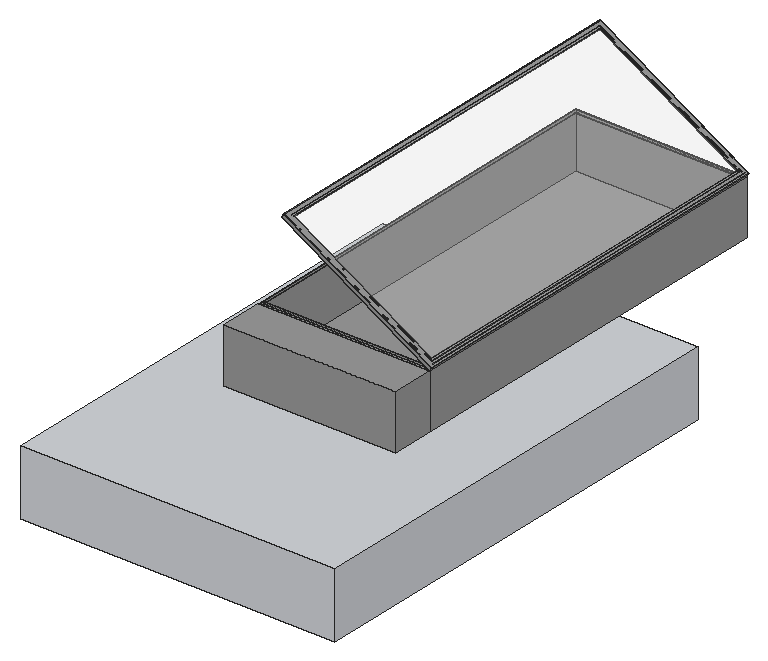
Revit family "Hager-Univers-IP55-D275-H2050-Cl.I-Steel_encl-SE-en", category Equipement électrique, Revit 2020
Family settings
  Hôte = Face
  Configuration du panneau = Deux colonnes, circuits au sein
  Cote de connecteur circulaire = Utiliser le diamètre
  Type d'élément = Tableau de raccordement
  Couper avec des vides une fois chargée = Non
  Partagée = Non
  Point de calcul de pièce = Non
Parameters (values of type "Floor installation IP55 W800 H2050 D275  - FR23K2")
  Width Control [instance] = if([EF000008 - Width] > Min Width, [EF000008 - Width], Min Width)  # 800 mm
  Commentaires du type = [HG000003 - Range]  # "Univers"
  Thickness Door [instance] = if([EF009171 - Material plate thickness door/cover] > 3 mm, 3 mm, [EF009171 - Material plate thickness door/cover])  # 1.5 mm
  Seal Frame Offset [instance] = 17 mm  # constant formula
  Plinth Visibility [instance] = [HG000027 - Plinth height] > 0 mm  # yes
  Model = ""
  Min Width [instance] = 100 mm  # constant formula
  Min Height [instance] = 100 mm  # constant formula
  Min Depth [instance] = (2 * [EF009170 - Material plate thickness cabinet]) + 1 mm  # 4 mm
  Internal Frame Depth [instance] = (Door System Depth * 0.5)  # 9 mm
  Height Control [instance] = if([EF000040 - Height] > Min Height, [EF000040 - Height], Min Height)  # 2050 mm
  HG000027 - Plinth height = 200 mm
  HG000026 - Floor standing = yes
  HG000024 - Bottom section height = 800 mm
  HG000023 - Double section enclosure = no
  HG000016 - Door 3d visibility [instance] = yes
  HG000015 - Clearance visibility [instance] = no
  HG000014 - Door on the right [instance] = yes
  HG000013 - Door on the left [instance] = not([HG000014 - Door on the right])  # no
  HG000012 - Door swing angle [instance] = 30.00°
  HG000010 - Asymmetric doors = no
  HG000009 - Double swing door = no
  HG000006 - Flush mounted = no
  HG000004 - Manufacturer reference = "FR23K2"
  HG000003 - Range = "Univers"
  HG000002 - With door or cover = yes
  Frame Offset Bottom [instance] = 10 mm  # constant formula
  Frame Offset [instance] = 15 mm  # constant formula
  EF015940 - Cover with overpressure release = no
  EF011959 - Degree of protection (NEMA) = ""
  EF009554 - Number of openings for flange plates = 6
  EF009212 - Cover model = "EV000116 - Closed"
  EF009171 - Material plate thickness door/cover = 1.5 mm
  EF009170 - Material plate thickness cabinet = 1.5 mm
  Fabricant = "Hager"  # constant formula
  EF008873 - Nominal current (In) = 800 A
  EF007800 - Suitable for lightning protection = no
  EF006306 - With lock = no
  EF006244 - Transparent cover/door = yes
  EF005474 - Degree of protection (IP) = "EV006420 - IP55"
  EF004464 - Type of door = "EV002646 - Single"
  EF004427 - Number of modules = 432
  EF004293 - Impact strength = "EV008784 - IK10"
  EF003532 - Suitable for outdoor use = no
  EF002950 - Width in number of modular spacings = 24
  EF001613 - Circuit integrity = "EV000494 - None"
  EF001596 - Material housing = "EV000179 - Steel"
  EF001131 - Internal depth = 275 mm
  EF001088 - Extension possible = yes
  EF000437 - Number of conduit inlets = 6
  EF000339 - Type of cover = "EV004216 - Door"
  EF000266 - Number of rows = 12
  EF000218 - Built-in depth = 0 mm
  EF000118 - With mounting plate = no
  EF000116 - RAL-number = "7035"
  EF000049 - Depth = 275 mm
  EF000040 - Height = 2050 mm
  EF000008 - Width = 800 mm
  EF000007 - Colour = "EV000270 - Grey"
  EF000003 - Mounting method = "EV012274 - Floor installation"
  Door System Leaf Tolerance [instance] = 1.5 mm  # constant formula
  Door System Depth [instance] = 18 mm  # constant formula
  Door Height [instance] = Height Control - [HG000027 - Plinth height]  # 1850 mm
  Depth Control [instance] = if([EF000049 - Depth] > Min Depth, [EF000049 - Depth], Min Depth)  # 275 mm
  Default Elevation = 0 mm
  Connector Offset [instance] = Height Control / 2  # 1025 mm
  Bottom Top Plate Trim [instance] = 1.5 mm  # constant formula
  Plinth height Ctrl [instance] = if([HG000027 - Plinth height] > 0 mm, [HG000027 - Plinth height], 12 mm)  # 200 mm
Types (11, lengths in mm): name | Width Control | HG000010 - Asymmetric doors | HG000009 - Double swing door | HG000004 - Manufacturer reference | EF009554 - Number of openings for flange plates | EF006244 - Transparent cover/door | EF004464 - Type of door | EF004427 - Number of modules | EF000437 - Number of conduit inlets | EF000008 - Width
  Floor installation IP55 W1050 H2050 D275  - FR24E2 | 1050 | yes | yes | "FR24E2" | 8 | no | "EV003602 - Double" | 576 | 8 | 1050
  Floor installation IP55 W1050 H2050 D275  - FR24K2 | 1050 | yes | yes | "FR24K2" | 8 | yes | "EV003602 - Double" | 576 | 8 | 1050
  Floor installation IP55 W1300 H2050 D275  - FR25E2 | 1300 | yes | yes | "FR25E2" | 10 | no | "EV003602 - Double" | 720 | 10 | 1300
  Floor installation IP55 W1300 H2050 D275  - FR25K2 | 1300 | yes | yes | "FR25K2" | 10 | yes | "EV003602 - Double" | 720 | 10 | 1300
  Floor installation IP55 W1550 H2050 D275  - FR26E2 | 1550 | yes | yes | "FR26E2" | 12 | no | "EV003602 - Double" | 864 | 12 | 1550
  Floor installation IP55 W1550 H2050 D275  - FR26K2 | 1550 | yes | yes | "FR26K2" | 12 | yes | "EV003602 - Double" | 864 | 12 | 1550
  Floor installation IP55 W300 H2050 D275  - FR21E2 | 300 | no | no | "FR21E2" | 2 | no | "EV002646 - Single" | 144 | 2 | 300
  Floor installation IP55 W550 H2050 D275  - FR22E2 | 550 | no | no | "FR22E2" | 4 | no | "EV002646 - Single" | 288 | 4 | 550
  Floor installation IP55 W550 H2050 D275  - FR22K2 | 550 | no | no | "FR22K2" | 4 | yes | "EV002646 - Single" | 288 | 4 | 550
  Floor installation IP55 W800 H2050 D275  - FR23E2 | 800 | no | no | "FR23E2" | 6 | no | "EV002646 - Single" | 432 | 6 | 800
  Floor installation IP55 W800 H2050 D275  - FR23K2 | 800 | no | no | "FR23K2" | 6 | yes | "EV002646 - Single" | 432 | 6 | 800
Reference planes
  plane 1 "Center (Front/Back)": y = 0
  plane 2: z = 0
  plane 3 "Center (Left/Right)": x = 0
  plane 4: z = 275
  plane 5: y = 201.5
  plane 6: y = 1125
  plane 7: y = 200
  plane 8: y = 2050
  plane 9: z = 0
  plane 10: x = -385
  plane 11: x = 385
  plane 12: x = 383.5
  plane 13: x = -383.5
  plane 14: y = 2048.5
  plane 15: x = -383
  plane 16: x = -400
  plane 17: x = 383
  plane 18: x = 400
  plane 19: x = 398.5
  plane 20: x = -398.5
  plane 21: y = 211.5
  plane 22: y = 2050
  plane 23: y = 2033.5
  plane 24: z = 257
  plane 25: z = 1.5
  plane 26: z = 255.5
  plane 27: z = 273.5
Forms (mm)
  Extrusion 1, solid
    sketch origin (0, 0, 0) x (1, 0, 0) y (0, 1, 0)
      loop
        line (-702.964, 1305) -> (-702.964, -811.445) -> (766.763, -811.445) -> (766.763, 1305) -> (-702.964, 1305)
    from 0 to -304.8
  Extrusion 2, solid, material "Hager_Steel_RAL7035_Light_Grey", visible <- "Plinth Visibility", detail levels medium+fine
    sketch origin (0, 0, 0) x (1, 0, 0) y (0, 1, 0)
      loop
        line (-400, 0) -> (400, 0) -> (400, 200) -> (-400, 200) -> (-400, 0)
    from 0 to 257
  Extrusion 3, solid, material "Hager_Steel_RAL7035_Light_Grey", detail levels medium+fine
    sketch origin (0, 0, 0) x (1, 0, 0) y (0, 1, 0)
      loop
        line (-400, 200) -> (400, 200) -> (400, 2050) -> (-400, 2050) -> (-400, 200)
    from 0 to 257
  Extrusion 4, void
    sketch origin (0, 0, 0) x (1, 0, 0) y (0, 1, 0)
      loop
        line (-398.5, 201.5) -> (398.5, 201.5) -> (398.5, 2048.5) -> (-398.5, 2048.5) -> (-398.5, 201.5)
    from 1.5 to 255.5
  Extrusion 5, void
    sketch origin (-381.607, -4572, 257) x (0, -1, 0) y (-1, 0, 0)
      loop
        line (-4783.5, 1.893) -> (-6605.5, 1.893) -> (-6605.5, -765.107) -> (-4783.5, -765.107) -> (-4783.5, 1.893)
    from 0 to 1.5 <- "EF009170 - Material plate thickness cabinet"
  Extrusion 6, solid, material "Hager_Steel_RAL7035_Light_Grey", detail levels fine
    sketch origin (0, 0, 257) x (1, 0, 0) y (0, 1, 0)
      loop
        line (-383.5, 2033.5) -> (-383.5, 211.5) -> (383.5, 211.5) -> (383.5, 2033.5) -> (-383.5, 2033.5)
      loop
        line (-385, 210) -> (385, 210) -> (385, 2035) -> (-385, 2035) -> (-385, 210)
    from 0 to 9 <- "Internal Frame Depth"
  Extrusion 7, solid, material "Hager_Steel_RAL7035_Light_Grey", detail levels coarse
    sketch origin (0, 0, 0) x (1, 0, 0) y (0, 1, 0)
      loop
        line (-400, 0) -> (400, 0) -> (400, 2050) -> (-400, 2050) -> (-400, 0)
    from 0 to 275
  Sweep 8, void
    path in 3D
      loop
        line (-400, 200, 0) -> (400, 200, 0) -> (400, 200, 257) -> (-400, 200, 257) -> (-400, 200, 0)
    profile origin (-400, 200, 128.5) x (-1, 0, 0) y (0, -1, 0)
      loop
        line (0, 0) -> (0, 1.5) -> (-1.5, 1.5)
        arc (-1.5, 1.5) -> (-1.061, 0.439) -> (0, 0) r 1.5
Cuts and joins
  Extrusion 4, Extrusion 5 cuts Extrusion 3
  Sweep 8 cuts Extrusion 2
Lines and regions (mm)
  Masking region 1
    outline origin (0, 0, 0) x (1, 0, 0) y (0, 0, 1)
      loop
        line (-400, 275) -> (-400, 0) -> (400, 0) -> (400, 275) -> (-400, 275)
  Masking region 2, detail levels medium+fine
    outline origin (0, 140, 0) x (0, 1, 0) y (0, 0, 1)
      loop
        line (60, 0) -> (1910, 0) -> (1910, 257) -> (60, 257) -> (60, 0)
  Masking region 3, not visible, detail levels medium+fine
    outline origin (0, 297.922, 0) x (0, 1, 0) y (0, 0, 1)
      loop
        line (838.578, 0) -> (878.578, 0) -> (878.578, 263.5)
        arc (878.578, 263.5) -> (875.649, 270.571) -> (868.578, 273.5) r 10
        line (868.578, 273.5) -> (838.578, 273.5) -> (838.578, 0)
  Masking region 4, detail levels coarse
    outline origin (0, 0, 180) x (0, 1, 0) y (0, 0, 1)
      loop
        line (0, -180) -> (2050, -180) -> (2050, 95) -> (0, 95) -> (0, -180)
  Masking region 5, visible <- "Plinth Visibility", detail levels medium+fine
    outline origin (0, 52.24, 12.345) x (0, 0, -1) y (0, 1, 0)
      loop
        line (10.845, 147.76) -> (-243.155, 147.76)
        arc (-243.155, 147.76) -> (-243.594, 146.699) -> (-244.655, 146.26) r 1.5
        line (-244.655, 146.26) -> (-244.655, -52.24) -> (12.345, -52.24) -> (12.345, 146.26)
        arc (12.345, 146.26) -> (11.285, 146.699) -> (10.845, 147.76) r 1.5
  Masking region 6, detail levels medium+fine
    outline origin (-381.607, -4572, 257) x (-1, 0, 0) y (0, -1, 0)
      loop
        line (18.393, -6622) -> (18.393, -4772) -> (-781.607, -4772) -> (-781.607, -6622) -> (18.393, -6622)
  Masking region 7, visible <- "Plinth Visibility", detail levels medium+fine
    outline origin (-381.607, -4727, 257) x (-1, 0, 0) y (0, -1, 0)
      loop
        arc (16.893, -4927) -> (17.332, -4925.939) -> (18.393, -4925.5) r 1.5
        line (18.393, -4925.5) -> (18.393, -4727) -> (-781.607, -4727) -> (-781.607, -4925.5)
        arc (-781.607, -4925.5) -> (-780.546, -4925.939) -> (-780.107, -4927) r 1.5
        line (-780.107, -4927) -> (16.893, -4927)
  Masking region 8, detail levels coarse
    outline origin (-442.548, -4669.526, 257) x (-1, 0, 0) y (0, -1, 0)
      loop
        line (-42.548, -6719.526) -> (-42.548, -4669.526) -> (-842.548, -4669.526) -> (-842.548, -6719.526) -> (-42.548, -6719.526)
  sketch lines
    curve 1: line (-400, 200, 257) -> (-400, 200, 0)
    curve 2: line (400, 200, 257) -> (-400, 200, 257)
    curve 3: line (400, 200, 257) -> (400, 200, 0)
    curve 4: line (-400, 200, 0) -> (400, 200, 0)
Dimensions and locks
  "Depth Control": plane 4 to Extrusion 1
  "HG000027 - Plinth height": plane 1 "Center (Front/Back)" to plane 7
  "EF009170 - Material plate thickness cabinet": plane 5 to plane 7
  locked: connector elem to plane 3 "Center (Left/Right)"
  equal spacing: plane 8, plane 6, plane 7
  locked: connector elem to plane 6
  "EF009170 - Material plate thickness cabinet": plane 8 to plane 14
  "EF009170 - Material plate thickness cabinet": plane 10 to plane 13
  "EF009170 - Material plate thickness cabinet": plane 12 to plane 11
  "Frame Offset": plane 20 to plane 13
  "Frame Offset": plane 12 to plane 19
  "EF009170 - Material plate thickness cabinet": plane 16 to plane 20
  "EF009170 - Material plate thickness cabinet": plane 19 to plane 18
  "Seal Frame Offset": plane 16 to plane 15
  "Seal Frame Offset": plane 17 to plane 18
  "Frame Offset Bottom": plane 21 to plane 5
  "Frame Offset": plane 14 to plane 23
  equal spacing: plane 16, plane 3 "Center (Left/Right)", plane 18
  "Width Control": plane 16 to plane 18
  "EF009170 - Material plate thickness cabinet": plane 4 to plane 27
  "EF009170 - Material plate thickness cabinet": plane 24 to plane 26
  "EF009170 - Material plate thickness cabinet": plane 25 to level
  "Door System Depth": plane 4 to plane 24
  "Height Control": plane 1 "Center (Front/Back)" to Extrusion 7 sketch curve
  "Height Control": Masking region 4 sketch curve to plane 1 "Center (Front/Back)"
  "Height Control": plane 1 "Center (Front/Back)" to plane 22
  "Bottom Top Plate Trim": profile plane to Sweep 8 sketch curve
  "Bottom Top Plate Trim": Sweep 8 sketch curve to profile plane
  "Plinth height Ctrl": plane 1 "Center (Front/Back)" to Extrusion 2 sketch curve
  "Plinth height Ctrl": Masking region 5 sketch curve to plane 1 "Center (Front/Back)"
  "Plinth height Ctrl": plane 1 "Center (Front/Back)" to Masking region 7 sketch curve
  "Thickness Door": Extrusion 6 sketch curve to Extrusion 6 sketch curve  (x3)
  "Thickness Door": cut or joined group of Extrusion 3, Extrusion 4, Extrusion 5 to Extrusion 6 sketch curve
  radius of Masking region 3 sketch curve = 10 mm
  "Bottom Top Plate Trim": radius of Masking region 5 sketch curve  (x2)
  "Bottom Top Plate Trim": radius of Sweep 8 sketch curve
  "Bottom Top Plate Trim": radius of Masking region 7 sketch curve  (x2)
  aligned and locked: plane 2 to Extrusion 1
  aligned and locked: level to Extrusion 1
  aligned and locked: level to Masking region 1 sketch curve
  aligned and locked: Masking region 1 sketch curve to plane 18
  aligned and locked: Masking region 1 sketch curve to plane 16
  aligned and locked: plane 7 to Masking region 2 sketch curve
  aligned and locked: level to Masking region 3 sketch curve
  aligned and locked: Masking region 3 sketch curve to plane 27
  aligned and locked: level to Masking region 2 sketch curve
  aligned and locked: plane 1 "Center (Front/Back)" to Extrusion 2 sketch curve
  aligned and locked: Extrusion 3 sketch curve to plane 7
  aligned and locked: plane 16 to Extrusion 3 sketch curve
  aligned and locked: plane 18 to Extrusion 3 sketch curve
  aligned and locked: plane 20 to Extrusion 4 sketch curve
  aligned and locked: plane 19 to Extrusion 4 sketch curve
  aligned and locked: Extrusion 4 sketch curve to plane 5
  aligned and locked: Extrusion 4 to plane 25
  aligned and locked: plane 26 to Extrusion 4
  aligned and locked: plane 24 to Extrusion 3
  aligned and locked: Extrusion 5 sketch curve to plane 21
  aligned and locked: Extrusion 5 sketch curve to plane 13
  aligned and locked: Extrusion 5 sketch curve to plane 12
  aligned and locked: plane 18 to Extrusion 7 sketch curve
  aligned and locked: plane 1 "Center (Front/Back)" to Extrusion 7 sketch curve
  aligned and locked: plane 16 to Extrusion 7 sketch curve
  aligned and locked: plane 4 to Extrusion 7
  aligned and locked: Extrusion 7 to level
  aligned and locked: level to Masking region 4 sketch curve
  aligned and locked: Masking region 4 sketch curve to plane 1 "Center (Front/Back)"
  aligned and locked: Masking region 4 sketch curve to plane 4
  aligned and locked: nested 1 to level
  aligned and locked: nested 1 to plane 16
  aligned and locked: plane 8 to Extrusion 3 sketch curve
  aligned and locked: plane 23 to Extrusion 5 sketch curve
  aligned and locked: plane 14 to Extrusion 4 sketch curve
  aligned and locked: Masking region 2 sketch curve to plane 8
  aligned and locked: level to Masking region 5 sketch curve
  aligned and locked: plane 16 to Extrusion 2 sketch curve
  aligned and locked: plane 18 to Extrusion 2 sketch curve
  aligned and locked: Masking region 5 sketch curve to plane 24
  aligned and locked: Masking region 2 sketch curve to plane 24
  aligned and locked: plane 24 to Extrusion 2
  aligned and locked: profile plane to Sweep 8 sketch curve  (x2)
  aligned and locked: Masking region 6 sketch curve to plane 18
  aligned and locked: Masking region 6 sketch curve to plane 22
  aligned and locked: Masking region 6 sketch curve to plane 16
  aligned and locked: plane 8 to plane 22
  aligned and locked: Masking region 6 sketch curve to plane 7
  aligned and locked: Masking region 7 sketch curve to plane 16
  aligned and locked: Masking region 7 sketch curve to plane 1 "Center (Front/Back)"
  aligned and locked: Masking region 7 sketch curve to plane 18
  aligned and locked: Masking region 8 sketch curve to plane 1 "Center (Front/Back)"
  aligned and locked: Masking region 8 sketch curve to plane 18
  aligned and locked: Masking region 8 sketch curve to plane 22
  aligned and locked: Masking region 8 sketch curve to plane 16
  aligned and locked: nested 2 to plane 7
  aligned and locked: plane 3 "Center (Left/Right)" to nested 2
  aligned and locked: nested 2 to plane 24
  aligned and locked: Extrusion 6 sketch curve to cut or joined group of Extrusion 3, Extrusion 4, Extrusion 5  (x4)
Automatic sketch dimensions
  Extrusion 1 sketch curve to Extrusion 1 sketch curve = 1469.727 mm
  Extrusion 1 sketch curve to Extrusion 1 sketch curve = 2116.445 mm
  Masking region 1 sketch curve to plane 4 = 0 mm
  plane 6 to Masking region 3 sketch curve = 11.5 mm
  Masking region 3 sketch curve to Masking region 3 sketch curve = 30 mm
  Masking region 5 sketch curve to plane 1 "Center (Front/Back)" = 0 mm
Nested families
  nested 1: "Hager_Enclosure_Symbol" at (-400, 0, 0) x (1, 0, 0) z (0, -1, 0), Height <- "Depth Control", Width <- "Width Control", type "Hager_Enclosure_Symbol"
    with Width_Ctrl 800 mm, Width 800 mm, Height_Ctrl 275 mm, Height 275 mm, A_Width_Int 18.047 mm, A_Width 216.562 mm, A_Height_Ctrl 240.625 mm, A_Height 240.625 mm
  nested 2: "EC000058_Univers_Door" at (0, 200, 257) x (1, 0, 0) z (0, 1, 0), Leaf_Tolerance <- "Door System Leaf Tolerance", Angle <- "HG000012 - Door swing angle", Door_Depth <- "Door System Depth", Door_Left <- "HG000013 - Door on the left", Transparent <- "EF006244 - Transparent cover/door", Assymetrical <- "HG000010 - Asymmetric doors", Width <- "Width Control", Clearance <- "HG000015 - Clearance visibility", Double <- "HG000009 - Double swing door", 3d_Door <- "HG000016 - Door 3d visibility", Lock_Visibility <- "EF006306 - With lock", Width_Ctrl <- "Width Control", Door_Right <- "HG000014 - Door on the right", Door <- "HG000002 - With door or cover", Height <- "Door Height", Thickness <- "Thickness Door", type "EC000058_Univers_Door", detail levels medium+fine
    with min_wh 4 mm, Width_Ctrl 800 mm, Width 800 mm, Transparent yes, Thickness 1.5 mm, Seal_Material Hager_Rubber, Lock_Visibility no, Lock_Material Hager_Plastic_RAL9005_Jet_Black, Leaf_Width 800 mm, Leaf_Tolerance_External_Sides 0 mm, Leaf_Tolerance 1.5 mm, Leaf_Offset 0 mm, Leaf_Height 1847 mm, Leaf_2_Width 800 mm, Leaf_2_Offset 400 mm, Leaf_1_Width 800 mm, Leaf_1_Offset 400 mm, Height_Ctrl 1850 mm, Height 1850 mm, Glass_Material Hager_Glass, Double_Clearance_Ctrl no, Double no, Door_Right_Ctrl yes, Door_Right yes, Door_Material Hager_Steel_RAL7035_Light_Grey, Door_Left_Ctrl no, Door_Left no, Door_Depth 18 mm, Door yes, Clearance_Material Hager_Clearance, Clearance_Depth 800 mm, Clearance_Ctrl no, Clearance no, Assymetrical no, Angle 30.00°, 3d_Door yes
Connectors
  electrical at (0, 1125, 0)
    settings: on plane 9, index 1, voltage 0 V, apparent load 0 VA, apparent load phase1 0 VA, apparent load phase2 0 VA, apparent load phase3 0 VA, power factor 1, load classification "Other", number of poles 1, system type 30, power factor state 1, is connector primary yes, connector utility no, sub classification motor no, connector description ""
Definition of nested family "EC000058_Univers_Door"
  Parameters (values of type "EC000058_Univers_Door")
    min_wh [instance] = (2 * Thickness) + 1 mm  # 11 mm
    Width_Ctrl [instance] = 400 mm
    Width [instance] = 500 mm
    Transparent [instance] = yes
    Thickness [instance] = 5 mm
    Seal_Material [instance] = none
    Lock_Visibility [instance] = yes
    Lock_Material [instance] = none
    Leaf_Width [instance] = if((Width_Ctrl - 2 * Leaf_Tolerance_External_Sides) > 0 mm, (Width_Ctrl - 2 * Leaf_Tolerance_External_Sides), min_wh)  # 400 mm
    Leaf_Tolerance_External_Sides [instance] = 0 mm  # constant formula
    Leaf_Tolerance [instance] = 1.5 mm
    Leaf_Offset [instance] = 0 mm  # constant formula
    Leaf_Height [instance] = if((Height_Ctrl - 2 * Leaf_Tolerance) > 0 mm, (Height_Ctrl - 2 * Leaf_Tolerance), min_wh)  # 497 mm
    Leaf_2_Width [instance] = if(and(and(Double, Assymetrical), Door_Left), (Leaf_Width / 3) - (Leaf_Tolerance / 2), if(and(and(Double, Assymetrical), Door_Right), (Leaf_Width / 3) * 2 - (Leaf_Tolerance / 2), if(and(Double, not(Assymetrical)), (Leaf_Width / 2) - Leaf_Tolerance, Leaf_Width)))  # 400 mm
    Leaf_2_Offset [instance] = if(and(Double, Assymetrical), Leaf_2_Width / 2, if(and(Double, not(Assymetrical)), Leaf_Width / 4, Leaf_Width / 2))  # 200 mm
    Leaf_1_Width [instance] = if(and(and(Double, Assymetrical), Door_Right), (Leaf_Width / 3) - (Leaf_Tolerance / 2), if(and(and(Double, Assymetrical), Door_Left), (Width / 3) * 2 - (Leaf_Tolerance / 2), if(and(Double, not(Assymetrical)), (Leaf_Width / 2) - Leaf_Tolerance, Leaf_Width)))  # 400 mm
    Leaf_1_Offset [instance] = if(and(Double, Assymetrical), Leaf_1_Width / 2, if(and(Double, not(Assymetrical)), Leaf_Width / 4, Leaf_Width / 2))  # 200 mm
    Height_Ctrl [instance] = if(Height > min_wh, Height, min_wh)  # 500 mm
    Height [instance] = 500 mm
    Glass_Material [instance] = none
    Double_Clearance_Ctrl [instance] = and(Double, Clearance)  # no
    Double [instance] = no
    Door_Right_Ctrl [instance] = and(or(Door_Right, Double), Door)  # yes
    Door_Right [instance] = yes
    Door_Material [instance] = none
    Door_Left_Ctrl [instance] = and(or(Door_Left, Double), Door)  # no
    Door_Left [instance] = no
    Door_Depth [instance] = 30 mm
    Door [instance] = yes
    Default Elevation = 1219.2 mm
    Clearance_Material [instance] = none
    Clearance_Depth [instance] = if(Leaf_1_Width > Leaf_2_Width, Leaf_1_Width, Leaf_2_Width)  # 400 mm
    Clearance_Ctrl [instance] = and(not(Double), Clearance)  # yes
    Clearance [instance] = yes
    Assymetrical [instance] = yes
    Angle [instance] = 30.00°
    3d_Door [instance] = yes
  Reference planes
    plane 1 "Center (Front/Back)": y = 0
    plane 2 "Bottom": z = 0
    plane 3 "Center (Left/Right)": x = 0
    plane 4: z = 500
    plane 5: x = -200
    plane 6: x = 200
    plane 7: z = 500
    plane 8: x = -200
    plane 9: z = 0
    plane 10: x = 200
    plane 11: y = 0
    plane 12: z = 1.5
    plane 13: x = -600
    plane 14: y = -400
    plane 15: x = 600
    plane 16: x = 0
    plane 17: x = 0
    plane 18: x = -200
    plane 19: x = 200
    plane 20: z = 498.5
  Forms (mm)
    Extrusion 1, solid, material <- "Clearance_Material", visible <- "Double_Clearance_Ctrl"
      sketch origin (1200, 0, 0) x (1, 0, 0) y (0, 0, -1)
        loop
          line (-1800, -498.5) -> (-600, -498.5) -> (-600, 0) -> (-1800, 0) -> (-1800, -498.5)
      from 0 to -400
  Dimensions and locks
    equal spacing: plane 5, plane 3 "Center (Left/Right)", plane 6
    "Width_Ctrl": plane 5 to plane 6
    "Leaf_Offset": plane 5 to plane 8
    "Leaf_Offset": plane 6 to plane 10
    "Leaf_Offset": plane 9 to level
    "Leaf_Offset": plane 4 to plane 7
    "Height_Ctrl": plane 4 to level
    "Leaf_Tolerance": plane 12 to plane 9
    locked: plane 11 to plane 1 "Center (Front/Back)"
    "Leaf_1_Offset": plane 18 to plane 16
    "Leaf_2_Offset": plane 17 to plane 19
    "Leaf_1_Width": plane 13 to plane 8
    "Leaf_2_Width": plane 10 to plane 15
    "Clearance_Depth": plane 14 to plane 1 "Center (Front/Back)"
    "Leaf_Tolerance_External_Sides": plane 8 to plane 18
    "Leaf_Tolerance_External_Sides": plane 19 to plane 10
    "Leaf_Tolerance": plane 7 to plane 20
    aligned and locked: level to plane 2 "Bottom"
    aligned and locked: nested 1 to plane 16
    aligned and locked: nested 2 to plane 17
    aligned and locked: Extrusion 1 to plane 13
    aligned and locked: plane 15 to Extrusion 1
    aligned and locked: Extrusion 1 to plane 14
    aligned and locked: plane 12 to nested 1
    aligned and locked: nested 2 to plane 12
    aligned and locked: Extrusion 1 to plane 11
    aligned and locked: plane 20 to Extrusion 1
    aligned and locked: nested 2 to plane 11
    aligned and locked: nested 1 to plane 11
  Automatic sketch dimensions
    Extrusion 1 sketch curve to level = 0 mm
    plane 5 to Extrusion 1 sketch curve = 400 mm
    plane 6 to Extrusion 1 sketch curve = 400 mm
    Extrusion 1 sketch curve to plane 4 = 1.5 mm
  Nested families
    nested 1: "EC000058_Univers_Door_Leaf" at (0, 0, 1.5), Width <- "Leaf_1_Width", visible <- "Door_Left_Ctrl", Leaf_Height <- "Leaf_Height", Angle <- "Angle", 3d_Door <- "3d_Door", Transparent <- "Transparent", Clearance Material <- "Clearance_Material", Clearance <- "Clearance_Ctrl", Door_Material <- "Door_Material", Glass_Material <- "Glass_Material", Door_Depth <- "Door_Depth", Lock_Material <- "Lock_Material", Seal_Material <- "Seal_Material", Lock_Visibility <- "Lock_Visibility", Thickness <- "Thickness", type "EC000058_Univers_Door_Leaf"
      with Width 400 mm, Transparent_Glass_Offset 30 mm, Transparent_Ctrl yes, Transparent yes, Thickness 5 mm, Standard no, Seal_Material none, Seal_D2 8 mm, Seal_D1 1 mm, Offset_Internal_Frame 10 mm, Lock_Width 20 mm, Lock_Visibility_3d yes, Lock_Visibility yes, Lock_Thickness_3 3 mm, Lock_Thickness_2 1 mm, Lock_Thickness_1 3 mm, Lock_Radius_Offset_2 16 mm, Lock_Radius_Offset_1 15 mm, Lock_Radius_2 5 mm, Lock_Radius 6 mm, Lock_Offset 5 mm, Lock_Material none, Lock_Height 80 mm, Lock_Cover_Top_Offset_2d 17 mm, Lock_Cover_Height -65 mm, Leaf_Height 497 mm, Internal_Seal_Thickness 8 mm, Internal_Seal_Depth_2 4.5 mm, Internal_Frame_Depth 25 mm, Glass_Thickness -1 mm, Glass_Offset -2 mm, Glass_Material none, Door_Material none, Door_Depth 30 mm, Clearance Material none, Clearance yes, Angle_Ctrl 30.00°, Angle 30.00°, 3d_Door yes
    nested 2: "EC000058_Univers_Door_Leaf" at (0, 0, 1.5) x (-1, 0, 0) z (0, 0, 1), Width <- "Leaf_2_Width", visible <- "Door_Right_Ctrl", Leaf_Height <- "Leaf_Height", Angle <- "Angle", 3d_Door <- "3d_Door", Transparent <- "Transparent", Clearance Material <- "Clearance_Material", Clearance <- "Clearance_Ctrl", Door_Material <- "Door_Material", Glass_Material <- "Glass_Material", Door_Depth <- "Door_Depth", Lock_Material <- "Lock_Material", Seal_Material <- "Seal_Material", Lock_Visibility <- "Lock_Visibility", Thickness <- "Thickness", type "EC000058_Univers_Door_Leaf"
      with Width 400 mm, Transparent_Glass_Offset 30 mm, Transparent_Ctrl yes, Transparent yes, Thickness 5 mm, Standard no, Seal_Material none, Seal_D2 8 mm, Seal_D1 1 mm, Offset_Internal_Frame 10 mm, Lock_Width 20 mm, Lock_Visibility_3d yes, Lock_Visibility yes, Lock_Thickness_3 3 mm, Lock_Thickness_2 1 mm, Lock_Thickness_1 3 mm, Lock_Radius_Offset_2 16 mm, Lock_Radius_Offset_1 15 mm, Lock_Radius_2 5 mm, Lock_Radius 6 mm, Lock_Offset 5 mm, Lock_Material none, Lock_Height 80 mm, Lock_Cover_Top_Offset_2d 17 mm, Lock_Cover_Height -65 mm, Leaf_Height 497 mm, Internal_Seal_Thickness 8 mm, Internal_Seal_Depth_2 4.5 mm, Internal_Frame_Depth 25 mm, Glass_Thickness -1 mm, Glass_Offset -2 mm, Glass_Material none, Door_Material none, Door_Depth 30 mm, Clearance Material none, Clearance yes, Angle_Ctrl 30.00°, Angle 30.00°, 3d_Door yes
  Definition of nested family "EC000058_Univers_Door_Leaf"
    Parameters (values of type "EC000058_Univers_Door_Leaf")
      Width [instance] = 2000 mm
      Transparent_Glass_Offset [instance] = 30 mm
      Transparent_Ctrl [instance] = and(Transparent, [3d_Door])  # yes
      Transparent [instance] = yes
      Thickness [instance] = 5 mm
      Standard [instance] = and(not(Transparent), [3d_Door])  # no
      Seal_Material [instance] = none
      Seal_D2 [instance] = 8 mm  # constant formula
      Seal_D1 [instance] = 1 mm  # constant formula
      Offset_Internal_Frame [instance] = 10 mm  # constant formula
      Lock_Width [instance] = 20 mm  # constant formula
      Lock_Visibility_3d [instance] = and(Lock_Visibility, [3d_Door])  # yes
      Lock_Visibility [instance] = yes
      Lock_Thickness_3 [instance] = 3 mm  # constant formula
      Lock_Thickness_2 [instance] = 1 mm  # constant formula
      Lock_Thickness_1 [instance] = 3 mm  # constant formula
      Lock_Radius_Offset_2 [instance] = Lock_Radius_Offset_1 + 1 mm  # 16 mm
      Lock_Radius_Offset_1 [instance] = 15 mm  # constant formula
      Lock_Radius_2 [instance] = Lock_Radius - 1 mm  # 5 mm
      Lock_Radius [instance] = 6 mm  # constant formula
      Lock_Offset [instance] = 5 mm  # constant formula
      Lock_Material [instance] = none
      Lock_Height [instance] = 80 mm  # constant formula
      Lock_Cover_Top_Offset_2d [instance] = Lock_Radius_Offset_2 + 1 mm  # 17 mm
      Lock_Cover_Height [instance] = -(Lock_Height - Lock_Radius_Offset_1)  # -65 mm
      Leaf_Height [instance] = 2720.336 mm
      Internal_Seal_Thickness [instance] = 8 mm  # constant formula
      Internal_Seal_Depth_2 [instance] = 4.5 mm  # constant formula
      Internal_Frame_Depth [instance] = if(Door_Depth - Thickness > 5 mm, Door_Depth - Thickness, 5 mm)  # 25 mm
      Glass_Thickness [instance] = if(Thickness > 15 mm, Glass_Offset + 10 mm, -1 mm)  # -1 mm
      Glass_Offset [instance] = if(Thickness > 15 mm, -(Thickness + 10 mm) / 2, -2 mm)  # -2 mm
      Glass_Material [instance] = none
      Door_Material [instance] = none
      Door_Depth [instance] = 30 mm
      Default Elevation = 0 mm
      Clearance Material [instance] = none
      Clearance [instance] = yes
      Angle_Ctrl [instance] = if(Angle > 180.00°, 180.00°, Angle)  # 90.00°
      Angle [instance] = 90.00°
      3d_Door [instance] = yes
    Reference planes
      plane 1 "Center (Front/Back)": y = 0
      plane 2: z = 0
      plane 3 "Center (Left/Right)": x = 0
      plane 4: y = 2000
      plane 5: x = -1000
      plane 6: x = 1000
      plane 7: x = -3000
      plane 8: z = 2720.336
      plane 9: z = 30
      plane 10: z = 2690.336
      plane 11: x = 970
      plane 12: x = -970
      plane 13: y = -3
      plane 14: z = 107.833
      plane 15: y = -5
      plane 16: y = -223.314
      plane 17: x = -1000
      plane 18: z = 1360.168
      plane 19: y = 30
    Forms (mm)
      Extrusion 1, solid, material <- "Clearance Material", visible <- "Clearance"
        sketch origin (0, 0, 0) x (1, 0, 0) y (0, 0, 1)
          loop
            line (-3000, 2720.336) -> (-3000, 0) -> (1000, 0) -> (1000, 2720.336) -> (-3000, 2720.336)
        from 0 to -2000
      Extrusion 2, solid, material <- "Door_Material", visible <- "Standard", detail levels medium+fine
        sketch origin (-1000, 0, 0) x (0, 1, 0) y (-1, 0, 0)
          loop
            line (0, 30) -> (0, 25) -> (2000, 25) -> (2000, 30) -> (0, 30)
        from 0 to 2720.336 <- "Leaf_Height"
      Extrusion 3, solid, material <- "Door_Material", visible <- "Transparent_Ctrl", detail levels medium+fine
        sketch origin (-1000, 0, 0) x (0, 1, 0) y (-1, 0, 0)
          loop
            line (0, 25) -> (2000, 25) -> (2000, 30) -> (0, 30) -> (0, 25)
        from 0 to 2720.336 <- "Leaf_Height"
      Extrusion 4, void
        sketch origin (-1025, 2000, 0) x (0, 1, 0) y (0, 0, -1)
          loop
            line (-30, -2690.336) -> (-30, -30) -> (-1970, -30) -> (-1970, -2690.336) -> (-30, -2690.336)
        from 0 to 5 <- "Thickness"
      Sweep 5, solid, material <- "Seal_Material", visible <- "Transparent_Ctrl", detail levels fine
        path in 3D
          loop
            line (-1025, 30, 30) -> (-1025, 30, 2690.336) -> (-1025, 1970, 2690.336) -> (-1025, 1970, 30) -> (-1025, 30, 30)
        profile origin (-1025, 1000, 30) x (1, 0, 0) y (0, 0, 1)
          loop
            line (0, 0) -> (0, -8) -> (1, -8) -> (1, 0) -> (0, 0)
      Extrusion 6, solid, material <- "Glass_Material", visible <- "Transparent_Ctrl", detail levels medium+fine
        sketch origin (-1030, 0, 0) x (0, 1, 0) y (0, 0, -1)
          loop
            line (1970, -2690.336) -> (1970, -30) -> (30, -30) -> (30, -2690.336) -> (1970, -2690.336)
        from -2 <- "Glass_Offset" to -1 <- "Glass_Thickness"
      Extrusion 7, solid, material <- "Door_Material", visible <- "3d_Door", detail levels medium+fine
        sketch origin (-1025, 2000, 0) x (0, -1, 0) y (0, 0, -1)
          loop
            line (0, -2720.336) -> (2000, -2720.336) -> (2000, 0) -> (0, 0) -> (0, -2720.336)
          loop
            line (1995, -5) -> (5, -5) -> (5, -2715.336) -> (1995, -2715.336) -> (1995, -5)
        from 0 to 25 <- "Internal_Frame_Depth"
      Sweep 8, solid, material <- "Seal_Material", visible <- "Transparent_Ctrl", detail levels fine
        path in 3D
          loop
            line (-1025, 0, 0) -> (-1025, 2000, 0) -> (-1025, 2000, 2720.336) -> (-1025, 0, 2720.336) -> (-1025, 0, 0)
        profile origin (-1025, 0, 1360.168) x (1, 0, 0) y (0, 1, 0)
          loop
            line (0, 10) -> (2.975, 10)
            arc (2.975, 10) -> (4.053, 10.447) -> (4.5, 11.525) r 1.525
            line (4.5, 11.525) -> (4.5, 16.527)
            arc (4.5, 16.527) -> (4.069, 17.569) -> (3.027, 18) r 1.473
            line (3.027, 18) -> (0, 18) -> (0, 10)
      Extrusion 9, solid, material <- "Lock_Material", visible <- "Lock_Visibility_3d", detail levels fine
        sketch origin (-1030, 0, 0) x (0, 1, 0) y (0, 0, -1)
          loop
            arc (1993.5, -1400.168) -> (1994.561, -1399.729) -> (1995, -1398.668) r 1.5
            line (1995, -1398.668) -> (1995, -1320.168) -> (1975, -1320.168) -> (1975, -1398.668)
            arc (1975, -1398.668) -> (1975.439, -1399.729) -> (1976.5, -1400.168) r 1.5
            line (1976.5, -1400.168) -> (1993.5, -1400.168)
        from 3 <- "Lock_Thickness_1" to 0
      Blend 10, solid, material <- "Lock_Material", visible <- "Lock_Visibility_3d", detail levels fine
        base sketch origin (-1033, 0, 0) x (0, 1, 0) y (0, 0, -1)
          loop
            line (1975, -1320.168) -> (1975, -1398.668)
            arc (1975, -1398.668) -> (1975.439, -1399.729) -> (1976.5, -1400.168) r 1.5
            line (1976.5, -1400.168) -> (1993.5, -1400.168)
            arc (1993.5, -1400.168) -> (1994.561, -1399.729) -> (1995, -1398.668) r 1.5
            line (1995, -1398.668) -> (1995, -1320.168) -> (1975, -1320.168)
        top sketch origin (-1033, 0, 0) x (0, 1, 0) y (0, 0, -1)
          loop
            line (1976, -1320.168) -> (1976, -1398.668)
            arc (1976, -1398.668) -> (1976.146, -1399.022) -> (1976.5, -1399.168) r 0.5
            line (1976.5, -1399.168) -> (1993.5, -1399.168)
            arc (1993.5, -1399.168) -> (1993.854, -1399.022) -> (1994, -1398.668) r 0.5
            line (1994, -1398.668) -> (1994, -1320.168) -> (1976, -1320.168)
        from 0 to 1 <- "Lock_Thickness_2"
      Blend 11, solid, material <- "Lock_Material", visible <- "Lock_Visibility_3d", detail levels fine
        base sketch origin (-1034, 0, 0) x (0, 1, 0) y (0, 0, -1)
          loop
            line (1978, -1320.168) -> (1978, -1384.168)
            arc (1978, -1384.168) -> (1985, -1391.168) -> (1992, -1384.168) r 7
            line (1992, -1384.168) -> (1992, -1320.168) -> (1978, -1320.168)
        top sketch origin (-1034, 0, 0) x (0, 1, 0) y (0, 0, -1)
          loop
            line (1991, -1320.168) -> (1979, -1320.168) -> (1979, -1383.168)
            arc (1979, -1383.168) -> (1985, -1389.168) -> (1991, -1383.168) r 6
            line (1991, -1383.168) -> (1991, -1320.168)
        from 0 to 3 <- "Lock_Thickness_3"
      Extrusion 12, solid, material <- "Lock_Material", visible <- "Lock_Visibility_3d", detail levels fine
        sketch origin (-1030, 1975, 1320.168) x (1, 0, 0) y (0, -1, 0)
          loop
            line (-7, -19) -> (-7, -1) -> (0, -1) -> (0, 0) -> (-8, 0) -> (-8, -20) -> (0, -20) -> (0, -19) -> (-7, -19)
        from 0 to -65 <- "Lock_Cover_Height"
      Extrusion 13, void
        sketch origin (-1038, 1995, 1320.168) x (-1, 0, 0) y (0, 0, -1)
          loop
            line (-5, -65) -> (0, -65) -> (-5, -60) -> (-5, -65)
        from 0 to 20 <- "Lock_Width"
      Extrusion 14, void
        sketch origin (-1038, 1975, 1320.168) x (0, -1, 0) y (0, 0, -1)
          loop
            circle (-10, -15.995) r 6
          loop
            circle (-10, -15.995) r 5
        from 0 to 2
      Extrusion 15, solid, material <- "Lock_Material", visible <- "Lock_Visibility_3d", detail levels medium
        sketch origin (-1030, 0, 0) x (0, 1, 0) y (0, 0, -1)
          loop
            arc (1993.5, -1400.168) -> (1994.561, -1399.729) -> (1995, -1398.668) r 1.5
            line (1995, -1398.668) -> (1995, -1320.168) -> (1975, -1320.168) -> (1975, -1398.668)
            arc (1975, -1398.668) -> (1975.439, -1399.729) -> (1976.5, -1400.168) r 1.5
            line (1976.5, -1400.168) -> (1993.5, -1400.168)
        from 8 to 0
    Cuts and joins
      Extrusion 4 cuts Extrusion 3
      Extrusion 13, Extrusion 14 cuts Extrusion 9
      Extrusion 14 cuts Blend 11
      Extrusion 13, Extrusion 14 cuts Extrusion 12
      joined: Extrusion 9, Blend 10, Blend 11, Extrusion 12
      Extrusion 14 cuts Extrusion 15
    Lines and regions (mm)
      Masking region 1, visible <- "Lock_Visibility", detail levels fine
        outline origin (0, 0, 0) x (0, 1, 0) y (0, 0, 1)
          loop
            line (30, 1320.168) -> (33, 1320.168) -> (33, 1400.168) -> (30, 1400.168) -> (30, 1320.168)
      Masking region 2, visible <- "Lock_Visibility", detail levels fine
        outline origin (0, 3.143, 0) x (0, 1, 0) y (0, 0, 1)
          loop
            line (29.857, 1354.168) -> (30.857, 1354.168) -> (30.857, 1366.168) -> (29.857, 1366.168) -> (29.857, 1354.168)
      Masking region 3, detail levels medium+fine
        outline origin (0, 0, 0) x (0, 1, 0) y (0, 0, 1)
          loop
            line (0, 0) -> (30, 0) -> (30, 2720.336) -> (0, 2720.336) -> (0, 0)
      Masking region 4, detail levels medium+fine
        outline origin (0, 0, 0) x (1, 0, 0) y (0, 0, 1)
          loop
            line (-1000, 2720.336) -> (-1000, 0) -> (1000, 0) -> (1000, 2720.336) -> (-1000, 2720.336)
      Masking region 5, visible <- "Lock_Visibility", detail levels fine
        outline origin (-47.116, 0, 0) x (1, 0, 0) y (0, 0, 1)
          loop
            arc (1024.616, 1399.168) -> (1023.556, 1398.729) -> (1023.116, 1397.668) r 1.5
            line (1023.116, 1397.668) -> (1023.116, 1320.168) -> (1041.116, 1320.168) -> (1041.116, 1397.668)
            arc (1041.116, 1397.668) -> (1040.677, 1398.729) -> (1039.616, 1399.168) r 1.5
            line (1039.616, 1399.168) -> (1024.616, 1399.168)
      Masking region 6, visible <- "Lock_Visibility", detail levels medium+fine
        outline origin (-25, 0, 0) x (1, 0, 0) y (0, 0, 1)
          loop
            arc (1001.5, 1400.168) -> (1000.439, 1399.729) -> (1000, 1398.668) r 1.5
            line (1000, 1398.668) -> (1000, 1320.168) -> (1020, 1320.168) -> (1020, 1398.668)
            arc (1020, 1398.668) -> (1019.561, 1399.729) -> (1018.5, 1400.168) r 1.5
            line (1018.5, 1400.168) -> (1001.5, 1400.168)
      Masking region 7, visible <- "Lock_Visibility", detail levels fine
        outline origin (-73.735, 0, 0) x (1, 0, 0) y (0, 0, 1)
          loop
            line (1051.735, 1382.168) -> (1065.735, 1382.168) -> (1065.735, 1384.168)
            arc (1065.735, 1384.168) -> (1058.735, 1391.168) -> (1051.735, 1384.168) r 7
            line (1051.735, 1384.168) -> (1051.735, 1382.168)
      Masking region 8, visible <- "Lock_Visibility", detail levels fine
        outline origin (-73.735, 0, 0) x (1, 0, 0) y (0, 0, 1)
          loop
            line (1052.735, 1382.168) -> (1064.735, 1382.168) -> (1064.735, 1383.168)
            arc (1064.735, 1383.168) -> (1058.735, 1389.168) -> (1052.735, 1383.168) r 6
            line (1052.735, 1383.168) -> (1052.735, 1382.168)
      Masking region 9, visible <- "Lock_Visibility", detail levels fine
        outline origin (-25, 0, 0) x (1, 0, 0) y (0, 0, 1)
          loop
            line (1020, 1320.168) -> (1020, 1382.168) -> (1000, 1382.168) -> (1000, 1320.168) -> (1020, 1320.168)
      Masking region 10, detail levels medium+fine
        outline origin (0, 0, 0) x (1, 0, 0) y (0, 0, 1)
          loop
            circle (985, 1335.144) r 6
      Masking region 11, detail levels fine
        outline origin (0, 0, 0) x (1, 0, 0) y (0, 0, 1)
          loop
            circle (985, 1335.144) r 5
      Masking region 12, visible <- "Lock_Visibility", detail levels fine
        outline origin (0, 12.767, 0) x (0, 1, 0) y (0, 0, 1)
          loop
            line (20.233, 1320.168) -> (21.233, 1320.168) -> (21.233, 1399.168) -> (20.233, 1400.168) -> (20.233, 1320.168)
      Masking region 13, visible <- "Lock_Visibility", detail levels fine
        outline origin (0, 13.767, -10) x (0, 1, 0) y (0, 0, 1)
          loop
            line (20.233, 1330.168) -> (23.233, 1330.168) -> (23.233, 1399.168) -> (20.233, 1402.168) -> (20.233, 1330.168)
      Masking region 14, visible <- "Lock_Visibility", detail levels fine
        outline origin (0, 12.767, -10) x (0, 1, 0) y (0, 0, 1)
          loop
            line (20.233, 1330.168) -> (25.233, 1330.168) -> (25.233, 1399.305) -> (20.233, 1394.305) -> (20.233, 1330.168)
      Masking region 15, visible <- "Lock_Visibility", detail levels medium
        outline origin (0, 0, 0) x (0, 1, 0) y (0, 0, 1)
          loop
            line (30, 1320.168) -> (38, 1320.168) -> (38, 1400.168) -> (30, 1400.168) -> (30, 1320.168)
      Masking region 16, visible <- "Lock_Visibility", detail levels fine
        outline origin (-1000, 0, 0) x (0, 1, 0) y (-1, 0, 0)
          loop
            line (1975, 30) -> (1995, 30) -> (1995, 38) -> (1975, 38) -> (1975, 30)
          loop
            line (1979, 37) -> (1976, 37) -> (1976, 34) -> (1978, 34) -> (1979, 37)
          loop
            line (1994, 37) -> (1991, 37) -> (1992, 34) -> (1994, 34) -> (1994, 37)
      Masking region 17, visible <- "Lock_Visibility", detail levels medium
        outline origin (-1000, 0, 0) x (0, 1, 0) y (-1, 0, 0)
          loop
            line (1975, 30) -> (1995, 30) -> (1995, 38) -> (1975, 38) -> (1975, 30)
      symbolic lines
        curve 1: line (1000, 0, 0) -> (-3000, 0, 0)
        curve 2: arc (1000, 0, 0) -> (-1000, 2000, 0) -> (-3000, 0, 0) r 2000
        curve 4: line (-1030, 0, 0) -> (-1030, 2000, 0)
      reference lines
        curve 3: line (-1000, 0, 0) -> (-1000, 2000, 0)
      symbolic lines, detail levels medium+fine
        curve 5: line (-1030, 2000, 0) -> (-1025, 2000, 0)
        curve 7: line (-1025, 0, 0) -> (-1030, 0, 0)
        curve 8: line (-1025, 0, 0) -> (-1000, 0, 0)
        curve 9: line (-1000, 0, 0) -> (-1000, 2000, 0)
        curve 10: line (-1000, 2000, 0) -> (-1025, 2000, 0)
      symbolic lines, detail levels fine
        curve 6: line (-1025, 2000, 0) -> (-1025, 0, 0)
      sketch lines
        curve 11: line (-1025, 0, 2720.336) -> (-1025, 0, 0)
        curve 12: line (-1025, 2000, 0) -> (-1025, 0, 0)
        curve 13: line (-1025, 2000, 2720.336) -> (-1025, 2000, 0)
        curve 14: line (-1025, 0, 2720.336) -> (-1025, 2000, 2720.336)
        curve 15: line (-1025, 1970, 30) -> (-1025, 30, 30)
        curve 16: line (-1025, 30, 30) -> (-1025, 30, 2690.336)
        curve 17: line (-1025, 1970, 2690.336) -> (-1025, 1970, 30)
        curve 18: line (-1025, 30, 2690.336) -> (-1025, 1970, 2690.336)
      symbolic lines, visible <- "Transparent", detail levels medium+fine
        curve 19: line (-970, 0, 2690.336) -> (970, 0, 2690.336)
        curve 20: line (-970, 0, 30) -> (-970, 0, 2690.336)
        curve 21: line (970, 0, 30) -> (-970, 0, 30)
        curve 22: line (970, 0, 2690.336) -> (970, 0, 30)
    Dimensions and locks
      "Width": plane 1 "Center (Front/Back)" to plane 4
      equal spacing: plane 5, plane 3 "Center (Left/Right)", plane 6
      "Width": plane 5 to plane 6
      "Width": plane 7 to plane 5
      "Leaf_Height": plane 8 to level
      "Width": curve 5 to curve 3
      "Width": curve 3 to curve 3
      plane 8 to plane 10 = 30 mm
      plane 9 to level = 30 mm
      plane 12 to plane 5 = 30 mm
      plane 6 to plane 11 = 30 mm
      Extrusion 1 to Extrusion 4 sketch curve = 30 mm
      "Transparent_Glass_Offset": curve 3 to Extrusion 4 sketch curve
      "Transparent_Glass_Offset": Extrusion 4 sketch curve to cut or joined group of Extrusion 3, Extrusion 4  (x2)
      cut or joined group of Extrusion 3, Extrusion 4 to Extrusion 6 sketch curve = 30 mm
      "Transparent_Glass_Offset": cut or joined group of Extrusion 3, Extrusion 4 to Extrusion 4 sketch curve
      "Thickness": curve 6 to curve 4
      "Thickness": Extrusion 7 sketch curve to Extrusion 7 sketch curve  (x4)
      "Door_Depth": curve 4 to curve 3
      "Offset_Internal_Frame": profile plane to Sweep 8 sketch curve
      "Internal_Seal_Thickness": Sweep 8 sketch curve to Sweep 8 sketch curve
      "Internal_Seal_Depth_2": profile plane to Sweep 8 sketch curve
      "Seal_D1": profile plane to Sweep 5 sketch curve
      "Seal_D2": profile plane to Sweep 5 sketch curve
      "Thickness": Extrusion 2 sketch curve to Extrusion 2 sketch curve
      equal spacing: Extrusion 9 sketch curve, plane 18, Extrusion 9 sketch curve  (x2)
      equal spacing: Masking region 1 sketch curve, plane 18, Masking region 1 sketch curve
      "Lock_Height": Masking region 1 sketch curve to Masking region 1 sketch curve
      "Lock_Radius": Masking region 2 sketch curve to plane 18 to Masking region 2 sketch curve
      Masking region 2 sketch curve to Masking region 1 = 1 mm
      "Door_Depth": plane 19 to plane 1 "Center (Front/Back)"
      "Lock_Thickness_1": Masking region 1 sketch curve to plane 19
      "Lock_Width": Extrusion 9 sketch curve to Extrusion 9 sketch curve
      "Lock_Height": Extrusion 9 sketch curve to Extrusion 9 sketch curve
      "Lock_Offset": cut or joined group of Extrusion 3, Extrusion 4 to Extrusion 9 sketch curve
      equal spacing: plane 8, plane 18, level
      "Lock_Radius_Offset_1": Blend 11 sketch curve to Blend 10
      locked: Blend 10 to Blend 11 sketch curve at 2  (x2)
      locked: var sketch to Blend 11 sketch curve at 1  (x2)
      "Lock_Radius_Offset_2": Blend 11 sketch curve to Blend 10
      locked: Extrusion 12 sketch curve to Extrusion 12 sketch curve at 1  (x3)
      Masking region 6 sketch curve to Masking region 6 sketch curve = 80 mm
      "Lock_Height": Masking region 6 sketch curve to Masking region 6 sketch curve
      "Lock_Width": Masking region 6 sketch curve to Masking region 6 sketch curve
      locked: Masking region 6 to Masking region 5 sketch curve at 1  (x3)
      locked: Masking region 5 to Masking region 7 sketch curve at 2  (x2)
      "Lock_Radius_Offset_1": Masking region 5 to Masking region 7 sketch curve
      "Lock_Radius_Offset_2": Masking region 5 to Masking region 8 sketch curve
      locked: Masking region 7 to Masking region 8 sketch curve at 1  (x2)
      "Lock_Cover_Top_Offset_2d": Masking region 5 to Masking region 9 sketch curve
      equal spacing: Masking region 9, Masking region 10 sketch curve, Masking region 9
      equal spacing: Masking region 9, Masking region 11 sketch curve, Masking region 9
      Extrusion 15 sketch curve to Extrusion 15 sketch curve = 80 mm
      "Lock_Width": Extrusion 15 sketch curve to Extrusion 15 sketch curve
      "Lock_Height": Extrusion 15 sketch curve to Extrusion 15 sketch curve
      equal spacing: Extrusion 15 sketch curve, plane 18, Extrusion 15 sketch curve
      "Lock_Thickness_3": Masking region 13 sketch curve to Masking region 13 sketch curve
      "Lock_Height": Masking region 12 sketch curve to Masking region 12 sketch curve
      locked: Masking region 13 sketch curve to Masking region 1 at 8
      locked: Masking region 14 sketch curve to Masking region 13 at 1
      locked: Masking region 14 sketch curve to Masking region 1 at 10.863
      "Lock_Height": Masking region 15 sketch curve to Masking region 15 sketch curve
      "Lock_Offset": Extrusion 15 sketch curve to cut or joined group of Extrusion 3, Extrusion 4
      "Lock_Offset": plane 6 to Masking region 6 sketch curve
      radius of Sweep 8 sketch curve = 1.525 mm
      radius of Sweep 8 sketch curve = 1.473 mm
      radius of Extrusion 9 sketch curve = 1.5 mm  (x2)
      "Lock_Radius": radius of Extrusion 14 sketch curve
      "Lock_Radius_2": radius of Extrusion 14 sketch curve
      "Lock_Radius": radius of Masking region 10 sketch curve
      "Lock_Radius_2": radius of Masking region 11 sketch curve
      radius of Extrusion 15 sketch curve = 1.5 mm  (x2)
      "Angle_Ctrl": angle plane 1 "Center (Front/Back)" to curve 3
      locked: Masking region 12 sketch curve to Masking region 12 sketch curve (angle 45.00°)
      locked: Masking region 13 sketch curve to Masking region 13 sketch curve (angle 45.00°)
      locked: Masking region 14 sketch curve to Masking region 14 sketch curve (angle 45.00°)
      aligned and locked: level to plane 2
      aligned and locked: Extrusion 1 to curve 1
      aligned and locked: plane 6 to Extrusion 1
      aligned and locked: Extrusion 1 to plane 1 "Center (Front/Back)"
      aligned and locked: plane 4 to Extrusion 1
      aligned and locked: plane 8 to Extrusion 1
      aligned and locked: curve 7 to Extrusion 2 sketch curve
      aligned and locked: curve 5 to Extrusion 2 sketch curve
      aligned and locked: curve 7 to Extrusion 3 sketch curve
      aligned and locked: Extrusion 3 sketch curve to curve 4
      aligned and locked: Extrusion 3 sketch curve to curve 6
      aligned and locked: Extrusion 3 sketch curve to curve 5
      aligned and locked: curve 9 to curve 3
      aligned and locked: Extrusion 7 sketch curve to cut or joined group of Extrusion 3, Extrusion 4  (x4)
      aligned and locked: plane 17 to curve 3
      aligned and locked: plane 1 "Center (Front/Back)" to curve 3
      aligned and locked: plane 17 to plane 5
      aligned and locked: Sweep 8 sketch curve to profile plane
      aligned and locked: Sweep 5 sketch curve to profile plane  (x2)
      aligned and locked: Masking region 1 to Masking region 2 sketch curve
      aligned and locked: plane 19 to Masking region 1 sketch curve
      aligned and locked: plane 1 "Center (Front/Back)" to Masking region 3 sketch curve
      aligned and locked: plane 19 to Masking region 3 sketch curve
      aligned and locked: level to Masking region 3 sketch curve
      aligned and locked: Masking region 3 sketch curve to plane 8
      aligned and locked: plane 17 to Masking region 4 sketch curve
      aligned and locked: level to Masking region 4 sketch curve
      aligned and locked: Masking region 4 sketch curve to plane 8
      aligned and locked: plane 12 to curve 20
      aligned and locked: plane 10 to curve 19
      aligned and locked: plane 11 to curve 22
      aligned and locked: curve 21 to plane 9
      aligned and locked: Extrusion 2 sketch curve to cut or joined group of Extrusion 3, Extrusion 4
      aligned and locked: Blend 10 sketch curve to Extrusion 9  (x4)
      aligned and locked: Extrusion 9 to Blend 10 sketch curve
      aligned and locked: Blend 10 to Blend 11 sketch curve
      aligned and locked: Extrusion 12 sketch curve to Blend 11
      aligned and locked: Extrusion 12 sketch curve to Extrusion 9  (x4)
      aligned and locked: Masking region 5 sketch curve to Masking region 6
      aligned and locked: Masking region 9 sketch curve to Masking region 6  (x3)
      aligned and locked: Masking region 12 sketch curve to Masking region 1
      aligned and locked: Masking region 13 sketch curve to Masking region 1
      aligned and locked: Masking region 12 to Masking region 14
      aligned and locked: Masking region 14 sketch curve to Masking region 1
      aligned and locked: Masking region 15 sketch curve to Masking region 14
      aligned and locked: Masking region 13 sketch curve to Masking region 12
      aligned and locked: Masking region 16 sketch curve to cut or joined group of Extrusion 14, Extrusion 15  (x4)
      aligned and locked: Masking region 16 sketch curve to cut or joined group of Extrusion 9, Blend 10, Blend 11, Extrusion 12, Extrusion 13, Extrusion 14  (x6)
      aligned and locked: cut or joined group of Extrusion 9, Blend 10, Blend 11, Extrusion 12, Extrusion 13, Extrusion 14 to Masking region 16 sketch curve
      aligned and locked: Masking region 17 sketch curve to cut or joined group of Extrusion 14, Extrusion 15  (x3)
      aligned and locked: Masking region 17 sketch curve to cut or joined group of Extrusion 9, Blend 10, Blend 11, Extrusion 12, Extrusion 13, Extrusion 14
      aligned and locked: Masking region 9 to Masking region 8 sketch curve
      aligned and locked: Masking region 9 to Masking region 7 sketch curve
    Automatic sketch dimensions
      plane 1 "Center (Front/Back)" to curve 2 = 0 mm
      curve 2 to plane 5 = 0 mm
      Extrusion 1 sketch curve to level = 0 mm
      Extrusion 1 sketch curve to plane 7 = 0 mm
      Extrusion 1 sketch curve to plane 6 = 0 mm
      Extrusion 1 sketch curve to plane 8 = 0 mm
      Extrusion 3 to Extrusion 6 sketch curve = 30 mm  (x4)
      Masking region 4 sketch curve to plane 6 = 0 mm
      Blend 10 sketch curve to Extrusion 9 = 1.5 mm
      Blend 10 sketch curve to Extrusion 9 = 1 mm
      Extrusion 13 sketch curve to Extrusion 12 = 0 mm  (x2)
      Extrusion 12 to Extrusion 13 sketch curve = 3 mm
      Extrusion 13 sketch curve to Extrusion 12 = 5 mm
      Extrusion 14 sketch curve to Extrusion 14 sketch curve = 0 mm  (x2)
      Extrusion 14 sketch curve to Extrusion 12 = 10 mm
      Extrusion 14 sketch curve to Extrusion 12 = 15.995 mm
      Masking region 5 sketch curve to Masking region 5 sketch curve = 1.5 mm  (x2)
      Masking region 10 sketch curve to plane 18 = 25.024 mm
      Masking region 11 sketch curve to plane 18 = 25.024 mm
      plane 19 to Masking region 14 sketch curve = 3 mm
      Masking region 16 sketch curve to Masking region 16 sketch curve = 3 mm
      curve 4 to curve 3 = 0 mm
      Blend 10 to Blend 11 sketch curve = 0 mm
      Masking region 6 sketch curve to Masking region 6 sketch curve = 1.5 mm  (x2)
      Masking region 6 sketch curve to plane 18 = 40 mm
      plane 19 to Masking region 12 sketch curve = 3 mm
      Masking region 12 sketch curve to Masking region 12 sketch curve = 1 mm
      Masking region 15 sketch curve to plane 19 = 0 mm
      Masking region 15 sketch curve to plane 18 = 40 mm
      radius of Blend 10 sketch curve to Extrusion 9 = 1 mm
Definition of nested family "Hager_Enclosure_Symbol"
  Parameters (values of type "Hager_Enclosure_Symbol")
    Width_Ctrl [instance] = if(Width > 1 mm, Width, 1 mm)  # 102.27 mm
    Width [instance] = 102.27 mm
    Height_Ctrl [instance] = if(Height > 1 mm, Height, 1 mm)  # 66.5 mm
    A_Width_Int [instance] = if(A_Width / 12 > 2 mm, A_Width / 12, 2 mm)  # 4.364 mm
    A_Width [instance] = if(A_Height_Ctrl * 0.9 > 2 mm, A_Height_Ctrl * 0.9, 2 mm)  # 52.369 mm
    A_Height_Ctrl [instance] = if(A_Height > 2 mm, A_Height, 2 mm)  # 58.188 mm
    Height [instance] = 66.5 mm
    A_Height [instance] = Height - (Height / 8)  # 58.188 mm
  Reference planes
    plane 1 "Centre (avant/arrière)": y = 0
    plane 2: z = 0
    plane 3 "Centre (gauche/droite)": x = 0
    plane 4: x = 52.369
    plane 5: y = 33.042
    plane 6: y = 41.77
    plane 7: y = 66.5
    plane 8: x = 26.184
    plane 9: y = 37.406
    plane 10: x = 102.27
    plane 11: y = 66.5
    plane 12: y = 8.313
  Lines and regions (mm)
    Filled region 1, type "Solid_Black", in view "Niveau de réf."
      outline origin (0, 0, 0) x (1, 0, 0) y (0, 1, 0)
        loop
          line (52.369, 66.5) -> (33.188, 54.536) -> (45.365, 45.006) -> (52.369, 66.5)
    Filled region 2, type "Solid_Black", in view "Niveau de réf."
      outline origin (0, 0, 0) x (1, 0, 0) y (0, 1, 0)
        loop
          line (0, 0) -> (102.27, 0) -> (102.27, 66.5) -> (0, 0)
    detail lines, in view "Niveau de réf."
      curve 1: line (0, 8.313, 0) -> (26.184, 41.77, 0)
      curve 2: line (26.184, 41.77, 0) -> (26.184, 33.042, 0)
      curve 3: line (26.184, 33.042, 0) -> (52.369, 66.5, 0)
  Dimensions and locks
    "A_Width": plane 3 "Centre (gauche/droite)" to plane 4
    equal spacing: plane 3 "Centre (gauche/droite)", plane 8, plane 4
    equal spacing: plane 6, plane 9, plane 5
    equal spacing: curve 3, Filled region 1 sketch curve, Filled region 1 sketch curve
    "Height_Ctrl": plane 1 "Centre (avant/arrière)" to plane 11
    "A_Height_Ctrl": plane 11 to plane 12
    equal spacing: plane 11, plane 9, plane 12
    "A_Width_Int": plane 6 to plane 9
    "Width_Ctrl": plane 3 "Centre (gauche/droite)" to plane 10
    angle Filled region 1 sketch curve to curve 3 = 20.00°
    angle curve 3 to Filled region 1 sketch curve = 20.00°
    locked: curve 3 to Filled region 1 sketch curve (angle 90.00°)
    aligned and locked: plane 10 to Filled region 2
    aligned and locked: plane 11 to Filled region 2 sketch curve
    aligned and locked: plane 10 to Filled region 2 sketch curve
    aligned and locked: plane 3 "Centre (gauche/droite)" to curve 1
    aligned and locked: plane 12 to curve 1
    aligned and locked: plane 7 to plane 11
  Automatic sketch dimensions
    Filled region 1 sketch curve to plane 4 = 0 mm
    Filled region 1 sketch curve to plane 7 = 0 mm
    plane 1 "Centre (avant/arrière)" to Filled region 2 sketch curve = 0 mm
    Filled region 2 sketch curve to plane 3 "Centre (gauche/droite)" = 0 mm
    curve 2 to plane 6 = 0 mm
    curve 2 to plane 8 = 0 mm
    curve 3 to plane 4 = 0 mm
    curve 2 to plane 5 = 0 mm
    curve 3 to plane 7 = 0 mm
